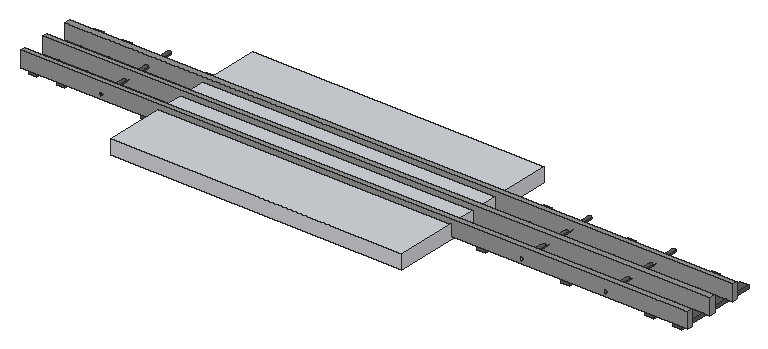
Revit family "1413-3, Solid", category Generic Models, host Face, Revit 2020
Family settings
  Host = Face
  Can host rebar = No
  Round Connector Dimension = Use Diameter
  Part Type = Normal
  Cut with Voids When Loaded = No
  Shared = No
  Room Calculation Point = No
Parameters
  min_value [instance] = 2' - 4"  # constant formula
  max_value [instance] = 11' - 11 1/4"  # constant formula
  actual_value [instance] = if(NET LENGTH < min_value, min_value, if(NET LENGTH > max_value, max_value, NET LENGTH))  # 7' - 11 1/4"
  NET LENGTH [instance] = 7' - 11 1/4"
  IMPORTANT NOTE!!!                                                                             *Backer & dowel layout is for visualization purposes only, final layout to be determined by 9Wood. [instance] = ""
  Default Elevation = 4' - 0"
  DOWEL RADIUS [instance] = 0' - 0 1/4"  # constant formula
  BACKER & DOWEL MATERIAL [instance] = BLACK-BACKERS
  .. MEMBER WIDTH [instance] = 0' - 0 3/4"  # constant formula
  .. MEMBER MATERIAL [instance] = Solid Western Hemlock
  .. MEMBER DEPTH [instance] = 0' - 2 1/4"  # constant formula
  .. MEMBER COUNT [instance] = 3  # constant formula
Reference planes (in)
  plane 1 "Center (Front/Back)": y = 0
  plane 2: z = 0
  plane 3 "Center (Left/Right)": x = 0
Forms (in)
  Extrusion 1, solid
    sketch origin (0, 0, 0) x (1, 0, 0) y (0, 1, 0)
      loop
        line (-24.24823, 14.63962) -> (-24.24823, -10.69266) -> (17.36192, -10.69266) -> (17.36192, 14.63962) -> (-24.24823, 14.63962)
    from 0 to 2.0625
Dimensions and locks (in)
  aligned and locked: plane 2 to Extrusion 1
  aligned and locked: nested 1 to plane 2
Nested families (in)
  nested 1: "1400 series" at (-44.01308, -2.1224, -0.06061), NET LENGTH <- "actual_value", .. MEMBER DEPTH <- ".. MEMBER DEPTH", .. MEMBER WIDTH <- ".. MEMBER WIDTH", DOWEL RADIUS <- "DOWEL RADIUS", BACKER & DOWEL MATERIAL <- "BACKER & DOWEL MATERIAL", .. MEMBER MATERIAL <- ".. MEMBER MATERIAL", MEMBER COUNT <- ".. MEMBER COUNT", type "1400 series"
    with X 7' - 8", SCRIM MATERIAL SCRIM, SCRIM LENGTH 8' - 1", SCRIM APPEARANCE yes, SCRIM 2 0' - 0 7/8", SCRIM 1 0' - 0 3/32", OC TYP 1' - 0", NET LENGTH 7' - 11 1/4", N 8, MEMBER COUNT 3, INSET 2 0' - 0 3/16", INSET 0' - 1", HALF MEMBER WIDTH 0' - 0 3/8", END BACKER yes, DOWEL RADIUS 0' - 0 1/4", DOWEL INDEX 0' - 11 5/8", DOWEL COUNT 7, BACKING M COUNT 8, BACKER WIDTH 0' - 1 1/4", BACKER INDEX 0' - 5 5/8", BACKER DEPTH 0' - 0 1/2", BACKER & DOWEL MATERIAL BLACK-BACKERS, BACKER &  DOWEL LENGTH 0' - 11 7/8", .. MEMBER WIDTH 0' - 0 3/4", .. MEMBER OC TYP 0' - 4", .. MEMBER MATERIAL Solid Western Hemlock, .. MEMBER DEPTH 0' - 2 1/4"
Definition of nested family "1400 series"
  Parameters (values of type "1400 series")
    X [instance] = NET LENGTH - 0' 3 1/4"  # 7' - 2"
    SCRIM MATERIAL [instance] = none
    SCRIM APPEARANCE [instance] = yes
    SCRIM 2 [instance] = 0' - 0 7/8"  # constant formula
    SCRIM 1 [instance] = 0' - 0 3/32"  # constant formula
    OC TYP [instance] = 1' - 0"  # constant formula
    N [instance] = if((X - (rounddown(X / 1' 0") * 1' 0")) > 1' 0", rounddown(X / 1' 0") + 2, rounddown(X / 1' 0") + 1)  # 8
    MEMBER COUNT [instance] = 2
    INSET 5 = 0' - 0 11/16"  # constant formula
    INSET 2 [instance] = 0' - 0 3/16"  # constant formula
    INSET [instance] = 0' - 1"  # constant formula
    END BACKER [instance] = BACKER INDEX > 0' 3 5/8"  # no
    HALF MEMBER WIDTH [instance] = .. MEMBER WIDTH / 2  # 0' - 1 1/8"
    Default Elevation = 0' - 0"
    DOWEL RADIUS [instance] = 0' - 0 1/4"
    DOWEL INDEX [instance] = BACKER INDEX + 0' 6"  # 0' - 8 5/8"
    DOWEL COUNT [instance] = N - 1  # 7
    BACKER WIDTH [instance] = 0' - 1 1/4"  # constant formula
    BACKER INDEX [instance] = (NET LENGTH - ((N - 1) * 1' 0")) / 2  # 0' - 2 5/8"
    BACKER DEPTH [instance] = 0' - 0 1/2"  # constant formula
    BACKING M COUNT [instance] = N  # 8
    BACKER & DOWEL MATERIAL [instance] = none
    BACKER &  DOWEL LENGTH [instance] = 0' - 11 7/8"  # constant formula
    SCRIM LENGTH [instance] = NET LENGTH + (SCRIM 2 * 2)  # 7' - 7"
    .. MEMBER WIDTH [instance] = 0' - 2 1/4"
    .. MEMBER OC TYP [instance] = 1' 0" / MEMBER COUNT  # 0' - 6"
    .. MEMBER MATERIAL [instance] = none
    NET LENGTH [instance] = 7' - 5 1/4"
    .. MEMBER DEPTH [instance] = 0' - 4"
  Reference planes (in)
    plane 1 "Center (Front/Back)": y = 0
    plane 2: z = 0
    plane 3 "Center (Left/Right)": x = 0
    plane 4: x = 89.25
    plane 5: x = 1
    plane 6: x = 88.25
    plane 7: x = 2.625
    plane 8: x = 8.625
    plane 9: x = 14.625
    plane 10: x = 20.625
    plane 11: y = 0.1875
    plane 12: y = 1.125
    plane 13: y = 7.125
    plane 14: y = 12.0625
    plane 15: x = 90.125
    plane 16: x = -0.875
    plane 17: y = 12.15625
    plane 18: y = -0.09375
    plane 19: z = 2.7097
    plane 20: z = 0.56061
    plane 21: z = 1.24811
  Lines and regions (in)
    model lines, not visible
      curve 1: line (8.625, 0, 0.99811) -> (8.625, 0, 1.49811)
      curve 2: line (8.625, 0, 1.49811) -> (8.375, 0, 1.24811)
      curve 3: line (8.375, 0, 1.24811) -> (8.875, 0, 1.24811)
      curve 4: line (20.625, 0, 0.99811) -> (20.625, 0, 1.49811)
      curve 5: line (20.625, 0, 1.49811) -> (20.375, 0, 1.24811)
      curve 6: line (20.375, 0, 1.24811) -> (20.875, 0, 1.24811)
      curve 7: line (32.625, 0, 0.99811) -> (32.625, 0, 1.49811)
      curve 8: line (32.625, 0, 1.49811) -> (32.375, 0, 1.24811)
      curve 9: line (32.375, 0, 1.24811) -> (32.875, 0, 1.24811)
      curve 10: line (44.625, 0, 0.99811) -> (44.625, 0, 1.49811)
      curve 11: line (44.625, 0, 1.49811) -> (44.375, 0, 1.24811)
      curve 12: line (44.375, 0, 1.24811) -> (44.875, 0, 1.24811)
      curve 13: line (56.625, 0, 0.99811) -> (56.625, 0, 1.49811)
      curve 14: line (56.625, 0, 1.49811) -> (56.375, 0, 1.24811)
      curve 15: line (56.375, 0, 1.24811) -> (56.875, 0, 1.24811)
      curve 16: line (68.625, 0, 0.99811) -> (68.625, 0, 1.49811)
      curve 17: line (68.625, 0, 1.49811) -> (68.375, 0, 1.24811)
      curve 18: line (68.375, 0, 1.24811) -> (68.875, 0, 1.24811)
      curve 19: line (80.625, 0, 0.99811) -> (80.625, 0, 1.49811)
      curve 20: line (80.625, 0, 1.49811) -> (80.375, 0, 1.24811)
      curve 21: line (80.375, 0, 1.24811) -> (80.875, 0, 1.24811)
  Dimensions and locks (in)
    "INSET": plane 3 "Center (Left/Right)" to plane 5
    "NET LENGTH": plane 3 "Center (Left/Right)" to plane 4
    "INSET": plane 6 to plane 4
    "BACKER INDEX": plane 3 "Center (Left/Right)" to plane 7
    "DOWEL INDEX": plane 3 "Center (Left/Right)" to plane 8
    "OC TYP": plane 7 to plane 9
    "OC TYP": plane 8 to plane 10
    "INSET 2": plane 1 "Center (Front/Back)" to plane 11
    equal spacing: group 1, group 2, group 5, group 6, group 7, group 13, group 14, group 16  (x3)
    equal spacing: group 3, group 4, group 8, group 9, group 10, group 15, group 17  (x3)
    group 11 to group 12 = 0' - 0"  (x2)
    group 11 to group 12 = 0' - 6"
    ".. MEMBER OC TYP": plane 13 to plane 12
    "HALF MEMBER WIDTH": plane 1 "Center (Front/Back)" to plane 12
    "SCRIM 2": plane 16 to plane 3 "Center (Left/Right)"
    "SCRIM 2": plane 4 to plane 15
    "SCRIM 1": plane 18 to plane 1 "Center (Front/Back)"
    "SCRIM 1": plane 17 to plane 14
    "INSET 5": plane 21 to plane 20
    aligned and locked: level to plane 2
    aligned and locked: plane 7 to nested 2
    aligned and locked: plane 5 to nested 1
    aligned and locked: plane 9 to nested 3
    aligned and locked: nested 1 to plane 5
    aligned and locked: nested 2 to plane 11
    aligned and locked: nested 1 to plane 11
    aligned and locked: nested 3 to plane 11
    aligned and locked: nested 4 to plane 11  (x2)
    aligned and locked: plane 10 to nested 5
    aligned and locked: plane 6 to nested 12
    aligned and locked: nested 5 to plane 11
    aligned and locked: plane 11 to nested 12
    aligned and locked: plane 12 to nested 13
    aligned and locked: nested 14 to plane 13
    aligned and locked: plane 14 to nested 8
    aligned and locked: nested 13 to plane 20
    aligned and locked: plane 21 to nested 4
    aligned and locked: plane 21 to nested 5
    aligned and locked: nested 13 to plane 8
    aligned and locked: plane 10 to nested 13
    aligned and locked: curve 1 to nested 13
    aligned and locked: nested 13 to curve 4
    aligned and locked: plane 20 to nested 1
    aligned and locked: plane 20 to nested 2
    aligned and locked: nested 12 to plane 20
  Automatic sketch dimensions
    curve 3 to curve 1 = 0' - 0 1/4"  (x2)
    curve 1 to curve 3 = 0' - 0 1/4"
    curve 1 to curve 2 = 0' - 0 1/4"
    curve 6 to curve 4 = 0' - 0 1/4"  (x2)
    curve 4 to curve 6 = 0' - 0 1/4"
    curve 4 to curve 5 = 0' - 0 1/4"
    curve 9 to curve 7 = 0' - 0 1/4"  (x2)
    curve 7 to curve 9 = 0' - 0 1/4"
    curve 7 to curve 8 = 0' - 0 1/4"
    curve 12 to curve 10 = 0' - 0 1/4"  (x2)
    curve 10 to curve 12 = 0' - 0 1/4"
    curve 10 to curve 11 = 0' - 0 1/4"
    curve 15 to curve 13 = 0' - 0 1/4"  (x2)
    curve 13 to curve 15 = 0' - 0 1/4"
    curve 13 to curve 14 = 0' - 0 1/4"
    curve 18 to curve 16 = 0' - 0 1/4"  (x2)
    curve 16 to curve 18 = 0' - 0 1/4"
    curve 16 to curve 17 = 0' - 0 1/4"
    curve 21 to curve 19 = 0' - 0 1/4"  (x2)
    curve 19 to curve 21 = 0' - 0 1/4"
    curve 19 to curve 20 = 0' - 0 1/4"
  Nested families (in)
    nested 1: "INSTANCE - 3RD -  EXTEND BOTH SIDES - Parametric Cube.0001" at (1, 0.1875, 0.56061), Length <- "BACKER &  DOWEL LENGTH", Width <- "BACKER WIDTH", Height <- "BACKER DEPTH", Material <- "BACKER & DOWEL MATERIAL", visible <- "END BACKER", type "INSTANCE - 3RD -  EXTEND BOTH SIDES - Parametric Cube.0001"
      with Width 0' - 1 1/4", Material none, Length 0' - 11 7/8", Height 0' - 0 1/2"
    nested 2: "INSTANCE - 2ND -  EXTEND SIDE H CENTER W - Parametric Cube.0001" at (2.625, 0.1875, 0.56061), Width <- "BACKER WIDTH", Length <- "BACKER &  DOWEL LENGTH", Height <- "BACKER DEPTH", Material <- "BACKER & DOWEL MATERIAL", type "INSTANCE - 2ND -  EXTEND SIDE H CENTER W - Parametric Cube.0001"
      with Width 0' - 1 1/4", Material none, Length 0' - 11 7/8", Height 0' - 0 1/2"
    nested 3: "INSTANCE - 2ND -  EXTEND SIDE H CENTER W - Parametric Cube.0001" at (14.625, 0.1875, 0.56061), Width <- "BACKER WIDTH", Length <- "BACKER &  DOWEL LENGTH", Height <- "BACKER DEPTH", Material <- "BACKER & DOWEL MATERIAL", type "INSTANCE - 2ND -  EXTEND SIDE H CENTER W - Parametric Cube.0001"
      with Width 0' - 1 1/4", Material none, Length 0' - 11 7/8", Height 0' - 0 1/2"
    nested 4: "DOWEL" at (-1.375, 0.1875, 1.24811), DOWEL LENGTH <- "BACKER &  DOWEL LENGTH", DOWEL RADII <- "DOWEL RADIUS", BACKING MEM MATERIAL <- "BACKER & DOWEL MATERIAL", type "DOWEL"
      with DOWEL RADII 0' - 0 1/4", DOWEL LENGTH 0' - 11 7/8", BACKING MEM MATERIAL none
    nested 5: "DOWEL" at (10.625, 0.1875, 1.24811), DOWEL LENGTH <- "BACKER &  DOWEL LENGTH", DOWEL RADII <- "DOWEL RADIUS", BACKING MEM MATERIAL <- "BACKER & DOWEL MATERIAL", type "DOWEL"
      with DOWEL RADII 0' - 0 1/4", DOWEL LENGTH 0' - 11 7/8", BACKING MEM MATERIAL none
    nested 6: "INSTANCE - 2ND -  EXTEND SIDE H CENTER W - Parametric Cube.0001" at (26.625, 0.1875, 0.56061), Width <- "BACKER WIDTH", Length <- "BACKER &  DOWEL LENGTH", Height <- "BACKER DEPTH", Material <- "BACKER & DOWEL MATERIAL", type "INSTANCE - 2ND -  EXTEND SIDE H CENTER W - Parametric Cube.0001"
      with Width 0' - 1 1/4", Material none, Length 0' - 11 7/8", Height 0' - 0 1/2"
    nested 7: "INSTANCE - 2ND -  EXTEND SIDE H CENTER W - Parametric Cube.0001" at (38.625, 0.1875, 0.56061), Width <- "BACKER WIDTH", Length <- "BACKER &  DOWEL LENGTH", Height <- "BACKER DEPTH", Material <- "BACKER & DOWEL MATERIAL", type "INSTANCE - 2ND -  EXTEND SIDE H CENTER W - Parametric Cube.0001"
      with Width 0' - 1 1/4", Material none, Length 0' - 11 7/8", Height 0' - 0 1/2"
    nested 8: "INSTANCE - 2ND -  EXTEND SIDE H CENTER W - Parametric Cube.0001" at (50.625, 0.1875, 0.56061), Width <- "BACKER WIDTH", Length <- "BACKER &  DOWEL LENGTH", Height <- "BACKER DEPTH", Material <- "BACKER & DOWEL MATERIAL", type "INSTANCE - 2ND -  EXTEND SIDE H CENTER W - Parametric Cube.0001"
      with Width 0' - 1 1/4", Material none, Length 0' - 11 7/8", Height 0' - 0 1/2"
    nested 9: "DOWEL" at (22.625, 0.1875, 1.24811), DOWEL LENGTH <- "BACKER &  DOWEL LENGTH", DOWEL RADII <- "DOWEL RADIUS", BACKING MEM MATERIAL <- "BACKER & DOWEL MATERIAL", type "DOWEL"
      with DOWEL RADII 0' - 0 1/4", DOWEL LENGTH 0' - 11 7/8", BACKING MEM MATERIAL none
    nested 10: "DOWEL" at (34.625, 0.1875, 1.24811), DOWEL LENGTH <- "BACKER &  DOWEL LENGTH", DOWEL RADII <- "DOWEL RADIUS", BACKING MEM MATERIAL <- "BACKER & DOWEL MATERIAL", type "DOWEL"
      with DOWEL RADII 0' - 0 1/4", DOWEL LENGTH 0' - 11 7/8", BACKING MEM MATERIAL none
    nested 11: "DOWEL" at (46.625, 0.1875, 1.24811), DOWEL LENGTH <- "BACKER &  DOWEL LENGTH", DOWEL RADII <- "DOWEL RADIUS", BACKING MEM MATERIAL <- "BACKER & DOWEL MATERIAL", type "DOWEL"
      with DOWEL RADII 0' - 0 1/4", DOWEL LENGTH 0' - 11 7/8", BACKING MEM MATERIAL none
    nested 12: "INSTANCE - 3RD -  EXTEND BOTH SIDES - Parametric Cube.0001" at (88.25, 0.1875, 0.56061) x (-1, 0, 0) z (0, 0, 1), Width <- "BACKER WIDTH", Length <- "BACKER &  DOWEL LENGTH", Height <- "BACKER DEPTH", Material <- "BACKER & DOWEL MATERIAL", visible <- "END BACKER", type "INSTANCE - 3RD -  EXTEND BOTH SIDES - Parametric Cube.0001"
      with Width 0' - 1 1/4", Material none, Length 0' - 11 7/8", Height 0' - 0 1/2"
    nested 13: "HOLED MEMBER" at (0, -9.75, 8.12965), DOWEL INDEX <- "DOWEL INDEX", .. MEMBER LENGTH <- "NET LENGTH", .. MEMBER WIDTH <- ".. MEMBER WIDTH", DOWEL OC DIST <- "OC TYP", DOWEL RADII <- "DOWEL RADIUS", Material <- ".. MEMBER MATERIAL", DEPTH <- ".. MEMBER DEPTH", DOWEL COUNT <- "DOWEL COUNT", Space <- "INSET 5", type "HOLED MEMBER"
      with Space 0' - 0 11/16", Material none, Height 0' - 10.43096", HALF MEMBER WIDTH 0' - 1 1/8", DOWEL RADII 0' - 0 1/4", DOWEL OC DIST 1' - 0", DOWEL INDEX 0' - 8 5/8", DOWEL COUNT 7, DEPTH 0' - 4", .. MEMBER WIDTH 0' - 2 1/4", .. MEMBER LENGTH 7' - 5 1/4"
    nested 14: "HOLED MEMBER" at (0, -3.75, 8.12965), DOWEL INDEX <- "DOWEL INDEX", .. MEMBER LENGTH <- "NET LENGTH", .. MEMBER WIDTH <- ".. MEMBER WIDTH", DOWEL OC DIST <- "OC TYP", DOWEL RADII <- "DOWEL RADIUS", Material <- ".. MEMBER MATERIAL", DEPTH <- ".. MEMBER DEPTH", DOWEL COUNT <- "DOWEL COUNT", Space <- "INSET 5", type "HOLED MEMBER"
      with Space 0' - 0 11/16", Material none, Height 0' - 10.43096", HALF MEMBER WIDTH 0' - 1 1/8", DOWEL RADII 0' - 0 1/4", DOWEL OC DIST 1' - 0", DOWEL INDEX 0' - 8 5/8", DOWEL COUNT 7, DEPTH 0' - 4", .. MEMBER WIDTH 0' - 2 1/4", .. MEMBER LENGTH 7' - 5 1/4"
    nested 15: "INSTANCE - 2ND -  EXTEND SIDE H CENTER W - Parametric Cube.0001" at (62.625, 0.1875, 0.56061), Width <- "BACKER WIDTH", Length <- "BACKER &  DOWEL LENGTH", Height <- "BACKER DEPTH", Material <- "BACKER & DOWEL MATERIAL", type "INSTANCE - 2ND -  EXTEND SIDE H CENTER W - Parametric Cube.0001"
      with Width 0' - 1 1/4", Material none, Length 0' - 11 7/8", Height 0' - 0 1/2"
    nested 16: "INSTANCE - 2ND -  EXTEND SIDE H CENTER W - Parametric Cube.0001" at (74.625, 0.1875, 0.56061), Width <- "BACKER WIDTH", Length <- "BACKER &  DOWEL LENGTH", Height <- "BACKER DEPTH", Material <- "BACKER & DOWEL MATERIAL", type "INSTANCE - 2ND -  EXTEND SIDE H CENTER W - Parametric Cube.0001"
      with Width 0' - 1 1/4", Material none, Length 0' - 11 7/8", Height 0' - 0 1/2"
    nested 17: "DOWEL" at (58.625, 0.1875, 1.24811), DOWEL LENGTH <- "BACKER &  DOWEL LENGTH", DOWEL RADII <- "DOWEL RADIUS", BACKING MEM MATERIAL <- "BACKER & DOWEL MATERIAL", type "DOWEL"
      with DOWEL RADII 0' - 0 1/4", DOWEL LENGTH 0' - 11 7/8", BACKING MEM MATERIAL none
    nested 18: "INSTANCE - 2ND -  EXTEND SIDE H CENTER W - Parametric Cube.0001" at (86.625, 0.1875, 0.56061), Width <- "BACKER WIDTH", Length <- "BACKER &  DOWEL LENGTH", Height <- "BACKER DEPTH", Material <- "BACKER & DOWEL MATERIAL", type "INSTANCE - 2ND -  EXTEND SIDE H CENTER W - Parametric Cube.0001"
      with Width 0' - 1 1/4", Material none, Length 0' - 11 7/8", Height 0' - 0 1/2"
    nested 19: "DOWEL" at (70.625, 0.1875, 1.24811), DOWEL LENGTH <- "BACKER &  DOWEL LENGTH", DOWEL RADII <- "DOWEL RADIUS", BACKING MEM MATERIAL <- "BACKER & DOWEL MATERIAL", type "DOWEL"
      with DOWEL RADII 0' - 0 1/4", DOWEL LENGTH 0' - 11 7/8", BACKING MEM MATERIAL none
  Definition of nested family "INSTANCE - 3RD -  EXTEND BOTH SIDES - Parametric Cube.0001"
    Parameters (values of type "INSTANCE - 3RD -  EXTEND BOTH SIDES - Parametric Cube.0001")
      Width [instance] = 0' - 6"
      Material [instance] = none
      Length [instance] = 1' - 0"
      Height [instance] = 1' - 6"
      Default Elevation = 0' - 0"
    Reference planes (in)
      plane 1 "Center (Front/Back)": y = 0
      plane 2: z = 0
      plane 3 "Center (Left/Right)": x = 0
      plane 4: x = 6
      plane 5: y = 12
      plane 6: z = -18
    Forms (in)
      Extrusion 1, solid, material <- "Material"
        sketch origin (0, 6, 0) x (1, 0, 0) y (0, 1, 0)
          loop
            line (0, 6) -> (0, -6) -> (6, -6) -> (6, 6) -> (0, 6)
        from -18 to 0
    Dimensions and locks (in)
      "Height": plane 6 to level
      "Length": plane 1 "Center (Front/Back)" to plane 5
      "Width": plane 3 "Center (Left/Right)" to plane 4
      aligned and locked: plane 2 to level
      aligned and locked: Extrusion 1 sketch curve to plane 4
      aligned and locked: Extrusion 1 to plane 6
      aligned and locked: plane 5 to Extrusion 1
      aligned and locked: Extrusion 1 to plane 3 "Center (Left/Right)"
    Automatic sketch dimensions
      plane 1 "Center (Front/Back)" to Extrusion 1 sketch curve = 0' - 0"
      plane 5 to Extrusion 1 sketch curve = 0' - 0"
      Extrusion 1 sketch curve to plane 3 "Center (Left/Right)" = 0' - 0"
  Definition of nested family "INSTANCE - 2ND -  EXTEND SIDE H CENTER W - Parametric Cube.0001"
    Parameters (values of type "INSTANCE - 2ND -  EXTEND SIDE H CENTER W - Parametric Cube.0001")
      Width [instance] = 0' - 6"
      Material [instance] = none
      Length [instance] = 1' - 0"
      Height [instance] = 1' - 6"
      Default Elevation = 0' - 0"
    Reference planes (in)
      plane 1 "Center (Front/Back)": y = 0
      plane 2: z = 0
      plane 3 "Center (Left/Right)": x = 0
      plane 4: x = -3
      plane 5: x = 3
      plane 6: y = 12
      plane 7: z = -18
    Forms (in)
      Extrusion 1, solid, material <- "Material"
        sketch origin (0, 6, 0) x (1, 0, 0) y (0, 1, 0)
          loop
            line (-3, 6) -> (-3, -6) -> (3, -6) -> (3, 6) -> (-3, 6)
        from -18 to 0
    Dimensions and locks (in)
      equal spacing: plane 4, plane 3 "Center (Left/Right)", plane 5
      "Width": plane 4 to plane 5
      "Height": plane 7 to level
      "Length": plane 1 "Center (Front/Back)" to plane 6
      aligned and locked: plane 2 to level
      aligned and locked: plane 4 to Extrusion 1 sketch curve
      aligned and locked: Extrusion 1 sketch curve to plane 5
      aligned and locked: Extrusion 1 to plane 7
      aligned and locked: plane 6 to Extrusion 1
    Automatic sketch dimensions
      plane 1 "Center (Front/Back)" to Extrusion 1 sketch curve = 0' - 0"
      plane 6 to Extrusion 1 sketch curve = 0' - 0"
  Definition of nested family "DOWEL"
    Parameters (values of type "DOWEL")
      Default Elevation = 0' - 0"
      DOWEL RADII [instance] = 0' - 0 5/8"
      DOWEL LENGTH [instance] = 1' - 0"
      BACKING MEM MATERIAL [instance] = none
    Reference planes (in)
      plane 1 "Center (Front/Back)": y = 0
      plane 2: z = 0
      plane 3 "Center (Left/Right)": x = 0
      plane 4: y = 12
    Forms (in)
      Extrusion 1, solid, material <- "BACKING MEM MATERIAL"
        sketch origin (10, 0, 0) x (1, 0, 0) y (0, 0, 1)
          loop
            circle (0, 0) r 0.625
        from 0 to -12
      Extrusion 2, solid, not visible
        sketch origin (0, 0, 0) x (1, 0, 0) y (0, 0, 1)
          loop
            circle (0, 0) r 0.625
        from 0 to 12
      Extrusion 3, solid, not visible
        sketch origin (10, 0, 0) x (1, 0, 0) y (0, 0, 1)
          loop
            circle (0, 0) r 0.625
        from 0 to 2.5
      Extrusion 4, solid, not visible
        sketch origin (10, 0, 0) x (1, 0, 0) y (0, 0, 1)
          loop
            circle (0, 0) r 0.625
        from 0 to -12
    Lines and regions (in)
      model lines, not visible
        curve 1: line (-13, 0, 0) -> (-13, -12, 0)
        curve 2: line (13, 0, 0) -> (13, -12, 0)
        curve 3: line (9.89453, 0, 0) -> (10.08794, 0, 0)
        curve 4: line (9.89453, -2.5, 0) -> (10.08794, -2.5, 0)
        curve 6: line (10, 0, 0) -> (10, 2, 0)
      model lines
        curve 5: line (10, 0, 0) -> (10, 2, 0)
    Dimensions and locks (in)
      "DOWEL LENGTH": plane 1 "Center (Front/Back)" to plane 4
      "DOWEL RADII": radius of Extrusion 1 sketch curve
      "DOWEL RADII": radius of Extrusion 2 sketch curve
      "DOWEL RADII": radius of Extrusion 3 sketch curve
      "DOWEL RADII": radius of Extrusion 4 sketch curve
      "DOWEL RADII": radius of Extrusion 1
      aligned and locked: plane 2 to level
      aligned and locked: Extrusion 1 to plane 1 "Center (Front/Back)"  (x3)
      aligned and locked: plane 1 "Center (Front/Back)" to Extrusion 1
      aligned and locked: plane 4 to Extrusion 1
    Automatic sketch dimensions
      plane 1 "Center (Front/Back)" to curve 5 = 0' - 0"
      curve 5 to plane 1 "Center (Front/Back)" = 0' - 2"
      plane 3 "Center (Left/Right)" to curve 5 = 0' - 10"
      Extrusion 1 sketch curve to level = 0' - 0"
      plane 3 "Center (Left/Right)" to Extrusion 1 sketch curve = 0' - 10"
  Definition of nested family "HOLED MEMBER"
    Parameters (values of type "HOLED MEMBER")
      Space [instance] = 0' - 0 5/8"
      Material [instance] = none
      Height [instance] = 0' - 10.43096"
      HALF MEMBER WIDTH [instance] = .. MEMBER WIDTH / 2  # 0' - 0 5/16"
      Default Elevation = 0' - 0"
      DOWEL RADII [instance] = 0' - 0.34537"
      DOWEL OC DIST [instance] = 1' - 0"
      DOWEL INSET = 0' - 0 5/8"
      DOWEL INDEX [instance] = 0' - 5 5/8"
      DOWEL COUNT [instance] = 6
      DEPTH [instance] = 0' - 2"
      .. MEMBER WIDTH [instance] = 0' - 0 5/8"
      .. MEMBER LENGTH [instance] = 5' - 11 3/4"
    Reference planes (in)
      plane 1 "Center (Front/Back)": y = 12
      plane 2: z = -7.56904
      plane 3 "Center (Left/Right)": x = 0
      plane 4: x = 5.625
      plane 5: x = 17.625
      plane 6: y = 11.375
      plane 7: x = 71.75
      plane 8: y = 11.6875
      plane 9: z = -6.94404
      plane 10: z = -5.56904
    Forms (in)
      Extrusion 1, solid, material <- "Material"
        sketch origin (0, 12, -13.56904) x (1, 0, 0) y (0, 0, 1)
          loop
            line (0, 6) -> (71.75, 6) -> (71.75, 8) -> (0, 8) -> (0, 6)
        from 0.625 to 0
      Extrusion 2, void
        sketch origin (0, 12, -18.31904) x (1, 0, 0) y (0, 0, 1)
          loop
            circle (5.625, 11.375) r 0.34537
        from 0 to 12
      Extrusion 3, void, not visible
        sketch origin (0, 0, 0) x (1, 0, 0) y (0, 1, 0)
          loop
            circle (5.625, 11.375) r 0.34537
        from 0 to 12
      Extrusion 4, void, not visible
        sketch origin (0, 0, 0) x (1, 0, 0) y (0, 1, 0)
          loop
            circle (5.625, 11.375) r 0.34537
        from 0 to 12
      Extrusion 5, void, not visible
        sketch origin (12, 0, 0) x (1, 0, 0) y (0, 1, 0)
          loop
            circle (5.625, 11.375) r 0.34537
        from 0 to 12
      Extrusion 6, void, not visible
        sketch origin (0, 12, -17.56904) x (1, 0, 0) y (0, 0, 1)
          loop
            circle (5.625, 11.375) r 0.34537
        from 0 to 12
      Extrusion 7, void, not visible
        sketch origin (12, 12, -17.56904) x (1, 0, 0) y (0, 0, 1)
          loop
            circle (5.625, 11.375) r 0.34537
        from 0 to 12
      Extrusion 8, void, not visible
        sketch origin (0, 12, -19.56904) x (1, 0, 0) y (0, 0, 1)
          loop
            circle (5.625, 11.375) r 0.34537
        from 0 to 12
      Extrusion 9, void
        sketch origin (12, 12, -18.31904) x (1, 0, 0) y (0, 0, 1)
          loop
            circle (5.625, 11.375) r 0.34537
        from 0 to 12
      Extrusion 10, void
        sketch origin (24, 12, -18.31904) x (1, 0, 0) y (0, 0, 1)
          loop
            circle (5.625, 11.375) r 0.34537
        from 0 to 12
      Extrusion 11, void
        sketch origin (36, 12, -18.31904) x (1, 0, 0) y (0, 0, 1)
          loop
            circle (5.625, 11.375) r 0.34537
        from 0 to 12
      Extrusion 12, void
        sketch origin (48, 12, -18.31904) x (1, 0, 0) y (0, 0, 1)
          loop
            circle (5.625, 11.375) r 0.34537
        from 0 to 12
      Extrusion 13, void
        sketch origin (60, 12, -18.31904) x (1, 0, 0) y (0, 0, 1)
          loop
            circle (5.625, 11.375) r 0.34537
        from 0 to 12
      Extrusion 14, void, not visible
        sketch origin (24, 12, -17.56904) x (1, 0, 0) y (0, 0, 1)
          loop
            circle (5.625, 11.375) r 0.34537
        from 0 to 12
      Extrusion 15, void, not visible
        sketch origin (36, 12, -17.56904) x (1, 0, 0) y (0, 0, 1)
          loop
            circle (5.625, 11.375) r 0.34537
        from 0 to 12
      Extrusion 16, void, not visible
        sketch origin (48, 12, -17.56904) x (1, 0, 0) y (0, 0, 1)
          loop
            circle (5.625, 11.375) r 0.34537
        from 0 to 12
      Extrusion 17, void, not visible
        sketch origin (60, 12, -17.56904) x (1, 0, 0) y (0, 0, 1)
          loop
            circle (5.625, 11.375) r 0.34537
        from 0 to 12
      Extrusion 18, void, not visible
        sketch origin (24, 0, 0) x (1, 0, 0) y (0, 1, 0)
          loop
            circle (5.625, 11.375) r 0.34537
        from 0 to 12
      Extrusion 19, void, not visible
        sketch origin (36, 0, 0) x (1, 0, 0) y (0, 1, 0)
          loop
            circle (5.625, 11.375) r 0.34537
        from 0 to 12
      Extrusion 20, void, not visible
        sketch origin (48, 0, 0) x (1, 0, 0) y (0, 1, 0)
          loop
            circle (5.625, 11.375) r 0.34537
        from 0 to 12
      Extrusion 21, void, not visible
        sketch origin (60, 0, 0) x (1, 0, 0) y (0, 1, 0)
          loop
            circle (5.625, 11.375) r 0.34537
        from 0 to 12
    Cuts and joins
      Extrusion 2, Extrusion 9, Extrusion 10, Extrusion 11, Extrusion 12, Extrusion 13 cuts Extrusion 1
    Lines and regions (in)
      model lines, not visible
        curve 1: line (5.625, 11.72037, 0) -> (5.625, 11.02963, 0)
        curve 2: line (5.625, 11.72037, 0) -> (5.625, 11.02963, 0)
        curve 3: line (17.625, 11.72037, 0) -> (17.625, 11.02963, 0)
        curve 4: line (5.625, 12, -7.56904) -> (5.625, 11.87317, -7.56904)
        curve 5: line (5.625, 11.87317, -7.56904) -> (5.06195, 11.87317, -7.56904)
        curve 6: line (5.06195, 11.87317, -7.56904) -> (5.27963, 11.375, -7.56904)
        curve 7: line (0, 12, -6.19404) -> (0, 11.61951, -6.19404)
        curve 9: line (0, 11.375, -8.19404) -> (0, 11.6747, -8.19404)
        curve 10: line (5.625, 12, -7.56904) -> (5.625, 11.69863, -7.56904)
        curve 11: line (5.625, 12, -7.56904) -> (5.625, 11.69863, -7.56904)
        curve 12: line (5.625, 10.75, 0) -> (5.625, 10.75, 0.30137)
        curve 13: line (5.625, 10.75, 0) -> (5.625, 10.75, 0.30137)
        curve 14: line (17.625, 10.75, 0) -> (17.625, 10.75, 0.30137)
        curve 15: line (5.625, 12, -6.81904) -> (5.625, 11.69863, -6.81904)
        curve 16: line (17.625, 12, -6.81904) -> (17.625, 11.69863, -6.81904)
        curve 17: line (5.625, 12, -8.81904) -> (5.625, 11.69863, -8.81904)
        curve 18: line (17.625, 12, -7.56904) -> (17.625, 11.69863, -7.56904)
        curve 19: line (29.625, 12, -7.56904) -> (29.625, 11.69863, -7.56904)
        curve 20: line (41.625, 12, -7.56904) -> (41.625, 11.69863, -7.56904)
        curve 21: line (53.625, 12, -7.56904) -> (53.625, 11.69863, -7.56904)
        curve 22: line (65.625, 12, -7.56904) -> (65.625, 11.69863, -7.56904)
        curve 23: line (29.625, 12, -6.81904) -> (29.625, 11.69863, -6.81904)
        curve 24: line (41.625, 12, -6.81904) -> (41.625, 11.69863, -6.81904)
        curve 25: line (53.625, 12, -6.81904) -> (53.625, 11.69863, -6.81904)
        curve 26: line (65.625, 12, -6.81904) -> (65.625, 11.69863, -6.81904)
        curve 27: line (29.625, 11.72037, 0) -> (29.625, 11.02963, 0)
        curve 28: line (29.625, 10.75, 0) -> (29.625, 10.75, 0.30137)
        curve 29: line (41.625, 11.72037, 0) -> (41.625, 11.02963, 0)
        curve 30: line (41.625, 10.75, 0) -> (41.625, 10.75, 0.30137)
        curve 31: line (53.625, 11.72037, 0) -> (53.625, 11.02963, 0)
        curve 32: line (53.625, 10.75, 0) -> (53.625, 10.75, 0.30137)
        curve 33: line (65.625, 11.72037, 0) -> (65.625, 11.02963, 0)
        curve 34: line (65.625, 10.75, 0) -> (65.625, 10.75, 0.30137)
        curve 35: line (5.27963, 12, -6.94404) -> (5.97037, 12, -6.94404)
        curve 36: line (5.97037, 12, -6.94404) -> (5.625, 12, -6.59867)
        curve 37: line (5.625, 12, -6.59867) -> (5.625, 12, -7.28941)
        curve 38: line (5.27963, 11.375, 0) -> (5.97037, 11.375, 0)
        curve 39: line (5.97037, 11.375, 0) -> (5.625, 11.72037, 0)
        curve 40: line (5.625, 11.72037, 0) -> (5.625, 11.02963, 0)
        curve 41: line (5.27963, 11.375, 0) -> (5.97037, 11.375, 0)
        curve 42: line (5.97037, 11.375, 0) -> (5.625, 11.72037, 0)
        curve 43: line (5.625, 11.72037, 0) -> (5.625, 11.02963, 0)
        curve 44: line (17.27963, 11.375, 0) -> (17.97037, 11.375, 0)
        curve 45: line (17.97037, 11.375, 0) -> (17.625, 11.72037, 0)
        curve 46: line (17.625, 11.72037, 0) -> (17.625, 11.02963, 0)
        curve 47: line (5.27963, 12, -6.19404) -> (5.97037, 12, -6.19404)
        curve 48: line (5.97037, 12, -6.19404) -> (5.625, 12, -5.84867)
        curve 49: line (5.625, 12, -5.84867) -> (5.625, 12, -6.53941)
        curve 50: line (17.27963, 12, -6.19404) -> (17.97037, 12, -6.19404)
        curve 51: line (17.97037, 12, -6.19404) -> (17.625, 12, -5.84867)
        curve 52: line (17.625, 12, -5.84867) -> (17.625, 12, -6.53941)
        curve 53: line (5.27963, 12, -8.19404) -> (5.97037, 12, -8.19404)
        curve 54: line (5.97037, 12, -8.19404) -> (5.625, 12, -7.84867)
        curve 55: line (5.625, 12, -7.84867) -> (5.625, 12, -8.53941)
        curve 56: line (17.27963, 12, -6.94404) -> (17.97037, 12, -6.94404)
        curve 57: line (17.97037, 12, -6.94404) -> (17.625, 12, -6.59867)
        curve 58: line (17.625, 12, -6.59867) -> (17.625, 12, -7.28941)
        curve 59: line (29.27963, 12, -6.94404) -> (29.97037, 12, -6.94404)
        curve 60: line (29.97037, 12, -6.94404) -> (29.625, 12, -6.59867)
        curve 61: line (29.625, 12, -6.59867) -> (29.625, 12, -7.28941)
        curve 62: line (41.27963, 12, -6.94404) -> (41.97037, 12, -6.94404)
        curve 63: line (41.97037, 12, -6.94404) -> (41.625, 12, -6.59867)
        curve 64: line (41.625, 12, -6.59867) -> (41.625, 12, -7.28941)
        curve 65: line (53.27963, 12, -6.94404) -> (53.97037, 12, -6.94404)
        curve 66: line (53.97037, 12, -6.94404) -> (53.625, 12, -6.59867)
        curve 67: line (53.625, 12, -6.59867) -> (53.625, 12, -7.28941)
        curve 68: line (65.27963, 12, -6.94404) -> (65.97037, 12, -6.94404)
        curve 69: line (65.97037, 12, -6.94404) -> (65.625, 12, -6.59867)
        curve 70: line (65.625, 12, -6.59867) -> (65.625, 12, -7.28941)
        curve 71: line (29.27963, 12, -6.19404) -> (29.97037, 12, -6.19404)
        curve 72: line (29.97037, 12, -6.19404) -> (29.625, 12, -5.84867)
        curve 73: line (29.625, 12, -5.84867) -> (29.625, 12, -6.53941)
        curve 74: line (41.27963, 12, -6.19404) -> (41.97037, 12, -6.19404)
        curve 75: line (41.97037, 12, -6.19404) -> (41.625, 12, -5.84867)
        curve 76: line (41.625, 12, -5.84867) -> (41.625, 12, -6.53941)
        curve 77: line (53.27963, 12, -6.19404) -> (53.97037, 12, -6.19404)
        curve 78: line (53.97037, 12, -6.19404) -> (53.625, 12, -5.84867)
        curve 79: line (53.625, 12, -5.84867) -> (53.625, 12, -6.53941)
        curve 80: line (65.27963, 12, -6.19404) -> (65.97037, 12, -6.19404)
        curve 81: line (65.97037, 12, -6.19404) -> (65.625, 12, -5.84867)
        curve 82: line (65.625, 12, -5.84867) -> (65.625, 12, -6.53941)
        curve 83: line (29.27963, 11.375, 0) -> (29.97037, 11.375, 0)
        curve 84: line (29.97037, 11.375, 0) -> (29.625, 11.72037, 0)
        curve 85: line (29.625, 11.72037, 0) -> (29.625, 11.02963, 0)
        curve 86: line (41.27963, 11.375, 0) -> (41.97037, 11.375, 0)
        curve 87: line (41.97037, 11.375, 0) -> (41.625, 11.72037, 0)
        curve 88: line (41.625, 11.72037, 0) -> (41.625, 11.02963, 0)
        curve 89: line (53.27963, 11.375, 0) -> (53.97037, 11.375, 0)
        curve 90: line (53.97037, 11.375, 0) -> (53.625, 11.72037, 0)
        curve 91: line (53.625, 11.72037, 0) -> (53.625, 11.02963, 0)
        curve 92: line (65.27963, 11.375, 0) -> (65.97037, 11.375, 0)
        curve 93: line (65.97037, 11.375, 0) -> (65.625, 11.72037, 0)
        curve 94: line (65.625, 11.72037, 0) -> (65.625, 11.02963, 0)
      model lines
        curve 8: line (5.625, 12, -7.56904) -> (5.625, 11.69863, -7.56904)
    Dimensions and locks (in)
      "DOWEL INDEX": plane 3 "Center (Left/Right)" to plane 4
      "DOWEL OC DIST": plane 4 to plane 5
      ".. MEMBER LENGTH": plane 3 "Center (Left/Right)" to plane 7
      equal spacing: group 3, group 4, group 21, group 22, group 23, group 24  (x3)
      equal spacing: group 7, group 8, group 17, group 18, group 19, group 20  (x3)
      ".. MEMBER WIDTH": plane 6 to plane 1 "Center (Front/Back)"
      "HALF MEMBER WIDTH": plane 8 to plane 1 "Center (Front/Back)"
      equal spacing: group 1, group 12, group 13, group 14, group 15, group 16  (x2)
      equal spacing: group 16, group 15, group 14, group 13, group 12, group 1
      "DEPTH": plane 10 to level
      "Space": plane 9 to level
      "DOWEL RADII": radius of Extrusion 2 sketch curve
      "DOWEL RADII": radius of Extrusion 3 sketch curve
      "DOWEL RADII": radius of Extrusion 4 sketch curve
      "DOWEL RADII": radius of Extrusion 5 sketch curve
      "DOWEL RADII": radius of Extrusion 6 sketch curve
      "DOWEL RADII": radius of Extrusion 7 sketch curve
      "DOWEL RADII": radius of Extrusion 8 sketch curve
      "DOWEL RADII": radius of Extrusion 9 sketch curve
      "DOWEL RADII": radius of Extrusion 10 sketch curve
      "DOWEL RADII": radius of Extrusion 11 sketch curve
      "DOWEL RADII": radius of Extrusion 12 sketch curve
      "DOWEL RADII": radius of Extrusion 13 sketch curve
      "DOWEL RADII": radius of Extrusion 14 sketch curve
      "DOWEL RADII": radius of Extrusion 15 sketch curve
      "DOWEL RADII": radius of Extrusion 16 sketch curve
      "DOWEL RADII": radius of Extrusion 17 sketch curve
      "DOWEL RADII": radius of Extrusion 18 sketch curve
      "DOWEL RADII": radius of Extrusion 19 sketch curve
      "DOWEL RADII": radius of Extrusion 20 sketch curve
      "DOWEL RADII": radius of Extrusion 21 sketch curve
      aligned and locked: level to plane 2
      aligned and locked: Extrusion 1 to plane 3 "Center (Left/Right)"  (x2)
      aligned and locked: plane 7 to cut or joined group of Extrusion 1, Extrusion 2, Extrusion 9, Extrusion 10, Extrusion 11, Extrusion 12, Extrusion 13  (x2)
      aligned and locked: cut or joined group of Extrusion 1, Extrusion 2, Extrusion 9, Extrusion 10, Extrusion 11, Extrusion 12, Extrusion 13 to plane 1 "Center (Front/Back)"  (x2)
      aligned and locked: cut or joined group of Extrusion 1, Extrusion 2, Extrusion 9, Extrusion 10, Extrusion 11, Extrusion 12, Extrusion 13 to plane 6  (x2)
      aligned and locked: plane 4 to curve 11
      aligned and locked: curve 18 to plane 5
      aligned and locked: plane 4 to group 1
      aligned and locked: group 12 to plane 5
      aligned and locked: curve 35 to plane 9
      aligned and locked: plane 4 to curve 37
      aligned and locked: curve 56 to plane 9
      aligned and locked: curve 58 to plane 5
      aligned and locked: plane 10 to cut or joined group of Extrusion 1, Extrusion 2, Extrusion 9, Extrusion 10, Extrusion 11, Extrusion 12, Extrusion 13  (x2)
      aligned and locked: cut or joined group of Extrusion 1, Extrusion 2, Extrusion 9, Extrusion 10, Extrusion 11, Extrusion 12, Extrusion 13 to level
      aligned and locked: level to cut or joined group of Extrusion 1, Extrusion 2, Extrusion 9, Extrusion 10, Extrusion 11, Extrusion 12, Extrusion 13
    Automatic sketch dimensions
      curve 1 to curve 1 = 0' - 0.69074"
      curve 2 to curve 2 = 0' - 0.69074"
      curve 3 to curve 3 = 0' - 0.69074"
      Extrusion 1 sketch curve to plane 3 "Center (Left/Right)" = 0' - 0"
      Extrusion 1 sketch curve to plane 7 = 0' - 0"
      Extrusion 1 sketch curve to Extrusion 1 sketch curve = 0' - 2"
      Extrusion 1 sketch curve to level = 0' - 0"
      curve 8 to curve 8 = 0' - 0.30137"
      curve 10 to curve 10 = 0' - 0.30137"
      curve 8 to plane 4 = 0' - 0"
      plane 1 "Center (Front/Back)" to curve 8 = 0' - 0"
      plane 1 "Center (Front/Back)" to curve 8 = 0' - 0.30137"
      curve 11 to curve 11 = 0' - 0.30137"
      curve 12 to curve 12 = 0' - 0.30137"
      curve 13 to curve 13 = 0' - 0.30137"
      curve 14 to curve 14 = 0' - 0.30137"
      curve 15 to curve 15 = 0' - 0.30137"
      curve 16 to curve 16 = 0' - 0.30137"
      curve 17 to curve 17 = 0' - 0.30137"
      curve 18 to curve 18 = 0' - 0.30137"
      curve 19 to curve 19 = 0' - 0.30137"
      curve 20 to curve 20 = 0' - 0.30137"
      curve 21 to curve 21 = 0' - 0.30137"
      curve 22 to curve 22 = 0' - 0.30137"
      curve 23 to curve 23 = 0' - 0.30137"
      curve 24 to curve 24 = 0' - 0.30137"
      curve 25 to curve 25 = 0' - 0.30137"
      curve 26 to curve 26 = 0' - 0.30137"
      curve 27 to curve 27 = 0' - 0.69074"
      curve 28 to curve 28 = 0' - 0.30137"
      curve 29 to curve 29 = 0' - 0.69074"
      curve 30 to curve 30 = 0' - 0.30137"
      curve 31 to curve 31 = 0' - 0.69074"
      curve 32 to curve 32 = 0' - 0.30137"
      curve 33 to curve 33 = 0' - 0.69074"
      curve 34 to curve 34 = 0' - 0.30137"
      curve 37 to curve 35 = 0' - 0.34537"  (x2)
      curve 35 to curve 36 = 0' - 0.34537"
      curve 35 to curve 37 = 0' - 0.34537"
      curve 40 to curve 38 = 0' - 0.34537"  (x2)
      curve 38 to curve 39 = 0' - 0.34537"
      curve 38 to curve 40 = 0' - 0.34537"
      curve 43 to curve 41 = 0' - 0.34537"  (x2)
      curve 41 to curve 42 = 0' - 0.34537"
      curve 41 to curve 43 = 0' - 0.34537"
      curve 46 to curve 44 = 0' - 0.34537"  (x2)
      curve 44 to curve 45 = 0' - 0.34537"
      curve 44 to curve 46 = 0' - 0.34537"
      curve 49 to curve 47 = 0' - 0.34537"  (x2)
      curve 47 to curve 48 = 0' - 0.34537"
      curve 47 to curve 49 = 0' - 0.34537"
      curve 52 to curve 50 = 0' - 0.34537"  (x2)
      curve 50 to curve 51 = 0' - 0.34537"
      curve 50 to curve 52 = 0' - 0.34537"
      curve 55 to curve 53 = 0' - 0.34537"  (x2)
      curve 53 to curve 54 = 0' - 0.34537"
      curve 53 to curve 55 = 0' - 0.34537"
      curve 58 to curve 56 = 0' - 0.34537"  (x2)
      curve 56 to curve 57 = 0' - 0.34537"
      curve 56 to curve 58 = 0' - 0.34537"
      curve 61 to curve 59 = 0' - 0.34537"  (x2)
      curve 59 to curve 60 = 0' - 0.34537"
      curve 59 to curve 61 = 0' - 0.34537"
      curve 64 to curve 62 = 0' - 0.34537"  (x2)
      curve 62 to curve 63 = 0' - 0.34537"
      curve 62 to curve 64 = 0' - 0.34537"
      curve 67 to curve 65 = 0' - 0.34537"  (x2)
      curve 65 to curve 66 = 0' - 0.34537"
      curve 65 to curve 67 = 0' - 0.34537"
      curve 70 to curve 68 = 0' - 0.34537"  (x2)
      curve 68 to curve 69 = 0' - 0.34537"
      curve 68 to curve 70 = 0' - 0.34537"
      curve 73 to curve 71 = 0' - 0.34537"  (x2)
      curve 71 to curve 72 = 0' - 0.34537"
      curve 71 to curve 73 = 0' - 0.34537"
      curve 76 to curve 74 = 0' - 0.34537"  (x2)
      curve 74 to curve 75 = 0' - 0.34537"
      curve 74 to curve 76 = 0' - 0.34537"
      curve 79 to curve 77 = 0' - 0.34537"  (x2)
      curve 77 to curve 78 = 0' - 0.34537"
      curve 77 to curve 79 = 0' - 0.34537"
      curve 82 to curve 80 = 0' - 0.34537"  (x2)
      curve 80 to curve 81 = 0' - 0.34537"
      curve 80 to curve 82 = 0' - 0.34537"
      curve 85 to curve 83 = 0' - 0.34537"  (x2)
      curve 83 to curve 84 = 0' - 0.34537"
      curve 83 to curve 85 = 0' - 0.34537"
      curve 88 to curve 86 = 0' - 0.34537"  (x2)
      curve 86 to curve 87 = 0' - 0.34537"
      curve 86 to curve 88 = 0' - 0.34537"
      curve 91 to curve 89 = 0' - 0.34537"  (x2)
      curve 89 to curve 90 = 0' - 0.34537"
      curve 89 to curve 91 = 0' - 0.34537"
      curve 94 to curve 92 = 0' - 0.34537"  (x2)
      curve 92 to curve 93 = 0' - 0.34537"
      curve 92 to curve 94 = 0' - 0.34537"
